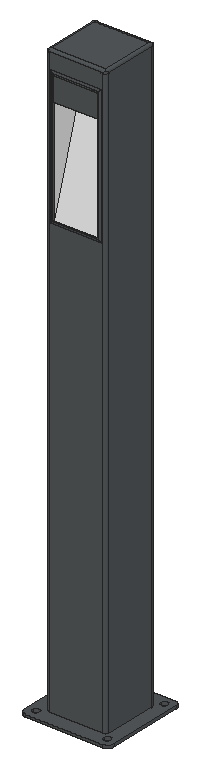
Revit family "svetilnik_alfresco_ar deko_dtu19", category Lighting Fixtures, Revit 2016 (continued)
Definition of nested family "Источник света Ар_Деко"
  Types (5, lengths in mm): name | Photometric Web File | built-in parameter 1150142
           0.2       0.2       0.2\r\n       0.2       0.2       0.2       0.2       0.2       0.2       0.2       0.2\r\n       0.2       0.2       0.2       0.2       0.2       0.2       0.2       0.2\r\n       0.2       0.2       0.2       0.2       0.2       0.2       0.2       0.2\r\n       0.2       0.2       0.2       0.2       0.2       0.2       0.2       0.2\r\n       0.2       0.2       0.2       0.2       0.2       0.2       0.2       0.2\r\n       0.2       0.2       0.2       0.2       0.2       0.2       0.2       0.2\r\n       0.2       0.2       0.2       0.2       0.2       0.2       0.2       0.2\r\n       0.2       0.2       0.2       0.1       0.1       0.1       0.0       0.0\r\n       0.0       0.0       0.0       0.0       0.0\r\n       0.0       0.0       0.0       0.1       0.1       0.1       0.1       0.1\r\n       0.2       0.2       0.2       0.2       0.2       0.2       0.2       0.2\r\n       0.2       0.2       0.2       0.2       0.2       0.2       0.2       0.2\r\n       0.2       0.2       0.2       0.2       0.2       0.2       0.2       0.2\r\n       0.2       0.2       0.2       0.2       0.2       0.2       0.2       0.2\r\n       0.2       0.2       0.2       0.2       0.2       0.2       0.2       0.2\r\n       0.2       0.2       0.2       0.2       0.2       0.2       0.2       0.2\r\n       0.2       0.2       0.2       0.2       0.2       0.2       0.2       0.2\r\n       0.2       0.2       0.2       0.2       0.2       0.2       0.2       0.2\r\n       0.2       0.2       0.2       0.2       0.2       0.2       0.2       0.2\r\n       0.2       0.2       0.2       0.2       0.2       0.2       0.2       0.2\r\n       0.2       0.2       0.2       0.2       0.2       0.2       0.2       0.2\r\n       0.2       0.2       0.2       0.2       0.2       0.2       0.2       0.2\r\n       0.2       0.2       0.2       0.2       0.2       0.2       0.2       0.2\r\n       0.2       0.2       0.2       0.2       0.2       0.2       0.2       0.2\r\n       0.2       0.2       0.2       0.2       0.2       0.2       0.2       0.2\r\n       0.2       0.2       0.2       0.2       0.2       0.2       0.2       0.2\r\n       0.2       0.2       0.2       0.2       0.2       0.2       0.2       0.2\r\n       0.2       0.2       0.2       0.2       0.2       0.2       0.2       0.2\r\n       0.2       0.2       0.2       0.2       0.2       0.2       0.2       0.2\r\n       0.2       0.2       0.2       0.2       0.2       0.2       0.2       0.2\r\n       0.2       0.2       0.2       0.1       0.1       0.1       0.0       0.0\r\n       0.0       0.0       0.0       0.0       0.0\r\n       0.0       0.0       0.0       0.1       0.1       0.1       0.1       0.1\r\n       0.2       0.2       0.2       0.2       0.2       0.2       0.2       0.2\r\n       0.2       0.2       0.2       0.2       0.2       0.2       0.2       0.2\r\n       0.2       0.2       0.2       0.2       0.2       0.2       0.2       0.2\r\n       0.2       0.2       0.2       0.2       0.2       0.2       0.2       0.2\r\n       0.2       0.2       0.2       0.2       0.2       0.2       0.2       0.2\r\n       0.2       0.2       0.2       0.2       0.2       0.2       0.2       0.2\r\n       0.2       0.2       0.2       0.2       0.2       0.2       0.2       0.2\r\n       0.2       0.2       0.2       0.2       0.2       0.2       0.2       0.2\r\n       0.2       0.2       0.3       0.3       0.2       0.2       0.2       0.2\r\n       0.2       0.2       0.2       0.2       0.2       0.2       0.2       0.2\r\n       0.2       0.2       0.2       0.2       0.2       0.2       0.2       0.2\r\n       0.2       0.2       0.2       0.2       0.2       0.2       0.2       0.2\r\n       0.2       0.2       0.2       0.2       0.2       0.2       0.2       0.2\r\n       0.2       0.2       0.2       0.2       0.2       0.2       0.2       0.2\r\n       0.2       0.2       0.2       0.2       0.2       0.2       0.2       0.2\r\n       0.2       0.2       0.2       0.2       0.2       0.2       0.2       0.2\r\n       0.2       0.2       0.2       0.2       0.2       0.2       0.2       0.2\r\n       0.2       0.2       0.2       0.2       0.2       0.2       0.2       0.2\r\n       0.2       0.2       0.2       0.2       0.2       0.2       0.2       0.2\r\n       0.2       0.2       0.2       0.2       0.2       0.2       0.2       0.2\r\n       0.2       0.2       0.2       0.1       0.1       0.1       0.0       0.0\r\n       0.0       0.0       0.0       0.0       0.0\r\n       0.0       0.0       0.0       0.1       0.1       0.1       0.1       0.1\r\n       0.2       0.2       0.2       0.2       0.2       0.2       0.2       0.2\r\n       0.2       0.2       0.2       0.2       0.2       0.2       0.2       0.2\r\n       0.2       0.2       0.2       0.2       0.2       0.2       0.2       0.2\r\n       0.2       0.2       0.2       0.2       0.2       0.2       0.2       0.2\r\n       0.2       0.2       0.2       0.2       0.2       0.2       0.2       0.2\r\n       0.2       0.2       0.2       0.2       0.2       0.2       0.2       0.2\r\n       0.2       0.2       0.2       0.2       0.2       0.2       0.2       0.2\r\n       0.2       0.2       0.2       0.2       0.2       0.2       0.2       0.2\r\n       0.2       0.2       0.2       0.2       0.2       0.2       0.2       0.2\r\n       0.2       0.2       0.2       0.2       0.2       0.2       0.2       0.2\r\n       0.2       0.2       0.2       0.2       0.2       0.2       0.2       0.2\r\n       0.2       0.2       0.2       0.2       0.2       0.2       0.2       0.2\r\n       0.2       0.2       0.2       0.2       0.2       0.2       0.2       0.2\r\n       0.2       0.2       0.2       0.2       0.2       0.2       0.2       0.2\r\n       0.2       0.2       0.2       0.2       0.2       0.2       0.2       0.2\r\n       0.2       0.2       0.2       0.2       0.2       0.2       0.2       0.2\r\n       0.2       0.2       0.2       0.2       0.2       0.2       0.2       0.2\r\n       0.2       0.2       0.2       0.2       0.2       0.2       0.2       0.2\r\n       0.2       0.2       0.2       0.2       0.2       0.2       0.2       0.2\r\n       0.2       0.2       0.2       0.2       0.2       0.2       0.2       0.2\r\n       0.2       0.2       0.2       0.1       0.1       0.1       0.0       0.0\r\n       0.0       0.0       0.0       0.0       0.0\r\n       0.0       0.0       0.1       0.1       0.1       0.1       0.1       0.1\r\n       0.2       0.2       0.2       0.2       0.2       0.2       0.2       0.2\r\n       0.2       0.2       0.2       0.2       0.2       0.2       0.2       0.2\r\n       0.2       0.2       0.2       0.2       0.2       0.2       0.2       0.2\r\n       0.2       0.2       0.2       0.2       0.2       0.2       0.2       0.2\r\n       0.2       0.2       0.2       0.2       0.2       0.2       0.2       0.2\r\n       0.2       0.2       0.2       0.2       0.2       0.2       0.2       0.2\r\n       0.2       0.2       0.2       0.2       0.2       0.2       0.2       0.2\r\n       0.2       0.2       0.2       0.2       0.2       0.2       0.2       0.2\r\n       0.2       0.2       0.2       0.2       0.2       0.2       0.2       0.2\r\n       0.2       0.2       0.2       0.2       0.2       0.2       0.2       0.2\r\n       0.2       0.2       0.2       0.2       0.2       0.2       0.2       0.2\r\n       0.2       0.2       0.2       0.2       0.2       0.2       0.2       0.2\r\n       0.2       0.2       0.2       0.2       0.2       0.2       0.2       0.2\r\n       0.2       0.2       0.2       0.2       0.2       0.2       0.2       0.2\r\n       0.2       0.2       0.2       0.2       0.2       0.2       0.2       0.2\r\n       0.2       0.2       0.2       0.2       0.2       0.2       0.2       0.2\r\n       0.2       0.2       0.2       0.2       0.2       0.2       0.2       0.2\r\n       0.2       0.2       0.2       0.2       0.2       0.2       0.2       0.2\r\n       0.2       0.2       0.2       0.2       0.2       0.2       0.2       0.2\r\n       0.2       0.2       0.2       0.2       0.2       0.2       0.2       0.2\r\n       0.2       0.2       0.2       0.1       0.1       0.1       0.0       0.0\r\n       0.0       0.0       0.0       0.0       0.0\r\n       0.0       0.0       0.1       0.1       0.1       0.1       0.1       0.1\r\n       0.2       0.2       0.2       0.2       0.2       0.2       0.2       0.2\r\n       0.2       0.2       0.2       0.2       0.2       0.2       0.2       0.2\r\n       0.2       0.2       0.2       0.2       0.2       0.2       0.2       0.2\r\n       0.2       0.2       0.2       0.2       0.2       0.2       0.2       0.2\r\n       0.2       0.2       0.2       0.2       0.2       0.2       0.2       0.2\r\n       0.2       0.2       0.2       0.2       0.2       0.2       0.2       0.2\r\n       0.2       0.2       0.2       0.2       0.2       0.2       0.2       0.2\r\n       0.2       0.2       0.2       0.2       0.2       0.2       0.2       0.2\r\n       0.2       0.2       0.2       0.2       0.2       0.2       0.2       0.2\r\n       0.2       0.2       0.2       0.2       0.2       0.2       0.2       0.2\r\n       0.2       0.2       0.2       0.2       0.2       0.2       0.2       0.2\r\n       0.2       0.2       0.2       0.2       0.2       0.2       0.2       0.2\r\n       0.2       0.2       0.2       0.2       0.2       0.2       0.2       0.2\r\n       0.2       0.2       0.2       0.2       0.2       0.2       0.2       0.2\r\n       0.2       0.2       0.2       0.2       0.2       0.2       0.2       0.2\r\n       0.2       0.2       0.2       0.2       0.2       0.2       0.2       0.2\r\n       0.2       0.2       0.2       0.2       0.2       0.2       0.2       0.2\r\n       0.2       0.2       0.2       0.2       0.2       0.2       0.2       0.2\r\n       0.2       0.2       0.2       0.2       0.2       0.2       0.2       0.2\r\n       0.2       0.2       0.2       0.2       0.2       0.2       0.2       0.2\r\n       0.2       0.2       0.2       0.1       0.1       0.1       0.0       0.0\r\n       0.0       0.0       0.0       0.0       0.0\r\n       0.0       0.0       0.1       0.1       0.1       0.1       0.1       0.1\r\n       0.2       0.2       0.2       0.2       0.2       0.2       0.2       0.2\r\n       0.2       0.2       0.2       0.2       0.2       0.2       0.2       0.2\r\n       0.2       0.2       0.2       0.2       0.2       0.2       0.2       0.2\r\n       0.2       0.2       0.2       0.2       0.2       0.2       0.2       0.2\r\n       0.2       0.2       0.2       0.2       0.2       0.2       0.2       0.2\r\n       0.2       0.2       0.2       0.2       0.2       0.2       0.2       0.2\r\n       0.2       0.2       0.2       0.2       0.2       0.2       0.2       0.2\r\n       0.2       0.2       0.2       0.2       0.2       0.2       0.2       0.2\r\n       0.2       0.2       0.2       0.2       0.2       0.2       0.2       0.2\r\n       0.2       0.2       0.2       0.2       0.2       0.2       0.2       0.2\r\n       0.2       0.2       0.2       0.2       0.3       0.2       0.2       0.2\r\n       0.2       0.2       0.2       0.2       0.2       0.3       0.2       0.2\r\n       0.2       0.2       0.2       0.2       0.2       0.2       0.2       0.2\r\n       0.2       0.2       0.2       0.2       0.2       0.2       0.2       0.2\r\n       0.2       0.2       0.2       0.2       0.2       0.2       0.2       0.2\r\n       0.2       0.2       0.2       0.2       0.2       0.2       0.2       0.2\r\n       0.2       0.2       0.2       0.2       0.2       0.2       0.2       0.2\r\n       0.2       0.2       0.2       0.2       0.2       0.2       0.2       0.2\r\n       0.2       0.2       0.2       0.2       0.2       0.2       0.2       0.2\r\n       0.2       0.2       0.2       0.2       0.2       0.2       0.2       0.2\r\n       0.2       0.2       0.2       0.1       0.1       0.1       0.0       0.0\r\n       0.0       0.0       0.0       0.0       0.0\r\n       0.0       0.0       0.1       0.1       0.1       0.1       0.1       0.1\r\n       0.2       0.2       0.2       0.2       0.2       0.2       0.2       0.2\r\n       0.2       0.2       0.2       0.2       0.2       0.2       0.2       0.2\r\n       0.2       0.2       0.2       0.2       0.2       0.2       0.2       0.2\r\n       0.2       0.2       0.2       0.2       0.2       0.2       0.2       0.2\r\n       0.3       0.3       0.2       0.2       0.2       0.2       0.2       0.2\r\n       0.2       0.2       0.2       0.2       0.2       0.2       0.2       0.2\r\n       0.2       0.2       0.2       0.2       0.2       0.2       0.2       0.2\r\n       0.2       0.2       0.2       0.2       0.2       0.2       0.2       0.2\r\n       0.2       0.2       0.2       0.2       0.2       0.2       0.2       0.2\r\n       0.2       0.2       0.2       0.2       0.2       0.2       0.2       0.2\r\n       0.2       0.2       0.2       0.2       0.2       0.2       0.2       0.2\r\n       0.2       0.2       0.2       0.2       0.2       0.2       0.2       0.2\r\n       0.2       0.2       0.2       0.2       0.2       0.2       0.2       0.2\r\n       0.2       0.2       0.2       0.2       0.2       0.2       0.2       0.2\r\n       0.2       0.2       0.2       0.2       0.2       0.2       0.2       0.2\r\n       0.2       0.2       0.2       0.2       0.2       0.2       0.2       0.2\r\n       0.2       0.2       0.2       0.2       0.2       0.2       0.2       0.2\r\n       0.2       0.2       0.2       0.2       0.2       0.2       0.2       0.2\r\n       0.2       0.2       0.2       0.2       0.2       0.2       0.2       0.2\r\n       0.2       0.2       0.2       0.2       0.2       0.2       0.2       0.2\r\n       0.2       0.2       0.2       0.1       0.1       0.1       0.0       0.0\r\n       0.0       0.0       0.0       0.0       0.0\r\n       0.0       0.0       0.1       0.1       0.1       0.1       0.1       0.1\r\n       0.2       0.2       0.2       0.2       0.2       0.2       0.2       0.2\r\n       0.2       0.2       0.2       0.2       0.2       0.2       0.2       0.2\r\n       0.2       0.2       0.2       0.2       0.2       0.2       0.2       0.2\r\n       0.2       0.2       0.2       0.2       0.2       0.2       0.2       0.2\r\n       0.3       0.3       0.2       0.2       0.2       0.2       0.2       0.2\r\n       0.2       0.2       0.2       0.2       0.2       0.2       0.2       0.2\r\n       0.2       0.2       0.2       0.2       0.2       0.2       0.2       0.2\r\n       0.2       0.2       0.2       0.2       0.2       0.2       0.2       0.2\r\n       0.2       0.2       0.2       0.2       0.2       0.2       0.2       0.2\r\n       0.2       0.2       0.2       0.2       0.2       0.2       0.2       0.2\r\n       0.2       0.2       0.2       0.2       0.2       0.2       0.2       0.2\r\n       0.2       0.2       0.2       0.2       0.2       0.2       0.2       0.2\r\n       0.2       0.2       0.2       0.2       0.2       0.2       0.2       0.2\r\n       0.2       0.2       0.2       0.2       0.2       0.2       0.2       0.2\r\n       0.2       0.2       0.2       0.2       0.2       0.2       0.2       0.2\r\n       0.2       0.2       0.2       0.2       0.2       0.2       0.2       0.2\r\n       0.2       0.2       0.2       0.2       0.2       0.2       0.2       0.2\r\n       0.2       0.2       0.2       0.2       0.2       0.2       0.2       0.2\r\n       0.2       0.2       0.2       0.2       0.2       0.2       0.2       0.2\r\n       0.2       0.2       0.2       0.2       0.2       0.2       0.2       0.2\r\n       0.2       0.2       0.2       0.1       0.1       0.1       0.0       0.0\r\n       0.0       0.0       0.0       0.0       0.0\r\n       0.0       0.0       0.1       0.1       0.1       0.1       0.1       0.1\r\n       0.2       0.2       0.2       0.2       0.2       0.2       0.2       0.2\r\n       0.2       0.2       0.2       0.2       0.2       0.2       0.2       0.2\r\n       0.2       0.2       0.2       0.2       0.2       0.2       0.2       0.2\r\n       0.2       0.2       0.2       0.2       0.2       0.2       0.2       0.2\r\n    
         0.2       0.2       0.2       0.2       0.2       0.2       0.2       0.2\r\n       0.2       0.2       0.2       0.2       0.2       0.2       0.2       0.2\r\n       0.2       0.2       0.2       0.2       0.2       0.2       0.2       0.2\r\n       0.2       0.2       0.2       0.2       0.2       0.2       0.2       0.2\r\n       0.2       0.2       0.2       0.2       0.2       0.2       0.2       0.2\r\n       0.2       0.2       0.2       0.2       0.2       0.2       0.2       0.2\r\n       0.2       0.2       0.2       0.2       0.2       0.2       0.2       0.2\r\n       0.2       0.2       0.2       0.2       0.2       0.2       0.2       0.2\r\n       0.2       0.2       0.2       0.2       0.2       0.2       0.2       0.2\r\n       0.2       0.2       0.2       0.2       0.2       0.2       0.2       0.2\r\n       0.2       0.2       0.2       0.2       0.2       0.2       0.2       0.2\r\n       0.2       0.2       0.2       0.2       0.2       0.2       0.2       0.2\r\n       0.2       0.2       0.2       0.2       0.2       0.2       0.2       0.2\r\n       0.2       0.2       0.2       0.2       0.2       0.2       0.2       0.2\r\n       0.2       0.2       0.2       0.2       0.2       0.2       0.2       0.2\r\n       0.2       0.2       0.2       0.2       0.2       0.2       0.2       0.2\r\n       0.2       0.2       0.2       0.1       0.1       0.1       0.0       0.0\r\n       0.0       0.0       0.0       0.0       0.0\r\n       0.0       0.0       0.1       0.1       0.1       0.1       0.1       0.1\r\n       0.2       0.2       0.2       0.2       0.2       0.2       0.2       0.2\r\n       0.2       0.2       0.2       0.2       0.2       0.2       0.2       0.2\r\n       0.2       0.2       0.2       0.2       0.2       0.2       0.2       0.2\r\n       0.2       0.2       0.2       0.2       0.2       0.2       0.2       0.2\r\n       0.2       0.2       0.2       0.2       0.2       0.2       0.2       0.2\r\n       0.2       0.2       0.2       0.2       0.2       0.2       0.2       0.2\r\n       0.2       0.2       0.2       0.2       0.2       0.2       0.2       0.2\r\n       0.2       0.2       0.2       0.2       0.2       0.2       0.2       0.2\r\n       0.2       0.2       0.2       0.2       0.2       0.2       0.2       0.2\r\n       0.2       0.2       0.2       0.2       0.2       0.2       0.2       0.2\r\n       0.2       0.2       0.2       0.2       0.2       0.2       0.2       0.2\r\n       0.2       0.2       0.2       0.2       0.2       0.2       0.2       0.2\r\n       0.2       0.2       0.2       0.2       0.2       0.2       0.2       0.2\r\n       0.2       0.2       0.2       0.2       0.2       0.2       0.2       0.2\r\n       0.2       0.2       0.2       0.2       0.2       0.2       0.2       0.2\r\n       0.2       0.2       0.2       0.2       0.2       0.2       0.2       0.2\r\n       0.2       0.2       0.2       0.2       0.2       0.2       0.2       0.2\r\n       0.2       0.2       0.2       0.2       0.2       0.2       0.2       0.2\r\n       0.2       0.2       0.2       0.2       0.2       0.2       0.2       0.2\r\n       0.2       0.2       0.2       0.2       0.2       0.2       0.2       0.2\r\n       0.2       0.2       0.2       0.1       0.1       0.1       0.0       0.0\r\n       0.0       0.0       0.0       0.0       0.0\r\n       0.0       0.0       0.1       0.1       0.1       0.1       0.1       0.1\r\n       0.2       0.2       0.2       0.2       0.2       0.2       0.2       0.2\r\n       0.2       0.2       0.2       0.2       0.2       0.2       0.2       0.2\r\n       0.2       0.2       0.2       0.2       0.2       0.2       0.2       0.2\r\n       0.2       0.2       0.2       0.2       0.2       0.2       0.2       0.2\r\n       0.2       0.2       0.2       0.2       0.2       0.2       0.2       0.2\r\n       0.2       0.2       0.2       0.2       0.2       0.2       0.2       0.2\r\n       0.2       0.2       0.2       0.2       0.2       0.2       0.2       0.2\r\n       0.2       0.2       0.2       0.2       0.2       0.2       0.2       0.2\r\n       0.2       0.2       0.2       0.2       0.2       0.2       0.2       0.2\r\n       0.2       0.2       0.2       0.2       0.2       0.2       0.2       0.2\r\n       0.2       0.2       0.2       0.2       0.2       0.2       0.2       0.2\r\n       0.2       0.2       0.2       0.2       0.2       0.2       0.2       0.2\r\n       0.2       0.2       0.2       0.2       0.2       0.2       0.2       0.2\r\n       0.2       0.2       0.2       0.2       0.2       0.2       0.2       0.2\r\n       0.2       0.2       0.2       0.2       0.2       0.2       0.2       0.2\r\n       0.2       0.2       0.2       0.2       0.2       0.2       0.2       0.2\r\n       0.2       0.2       0.2       0.2       0.2       0.2       0.2       0.2\r\n       0.2       0.2       0.2       0.2       0.2       0.2       0.2       0.2\r\n       0.2       0.2       0.2       0.2       0.2       0.2       0.2       0.2\r\n       0.2       0.2       0.2       0.2       0.2       0.2       0.2       0.2\r\n       0.2       0.2       0.2       0.1       0.1       0.1       0.0       0.0\r\n       0.0       0.0       0.0       0.0       0.0\r\n       0.0       0.0       0.1       0.1       0.1       0.1       0.1       0.1\r\n       0.2       0.2       0.2       0.2       0.2       0.2       0.2       0.2\r\n       0.2       0.2       0.2       0.2       0.2       0.2       0.2       0.2\r\n       0.2       0.2       0.2       0.2       0.2       0.2       0.2       0.2\r\n       0.2       0.2       0.2       0.2       0.2       0.2       0.2       0.2\r\n       0.2       0.2       0.2       0.2       0.2       0.2       0.2       0.2\r\n       0.2       0.2       0.2       0.2       0.2       0.2       0.2       0.2\r\n       0.2       0.2       0.2       0.2       0.2       0.2       0.2       0.2\r\n       0.2       0.2       0.2       0.2       0.2       0.2       0.2       0.2\r\n       0.2       0.2       0.2       0.2       0.2       0.2       0.2       0.2\r\n       0.2       0.2       0.2       0.2       0.2       0.2       0.2       0.2\r\n       0.2       0.2       0.2       0.2       0.2       0.2       0.2       0.2\r\n       0.2       0.2       0.2       0.2       0.2       0.2       0.2       0.2\r\n       0.2       0.2       0.2       0.2       0.2       0.2       0.2       0.2\r\n       0.2       0.2       0.2       0.2       0.2       0.2       0.2       0.2\r\n       0.2       0.2       0.2       0.2       0.2       0.2       0.2       0.2\r\n       0.2       0.2       0.2       0.2       0.2       0.2       0.2       0.2\r\n       0.2       0.2       0.2       0.2       0.2       0.2       0.2       0.2\r\n       0.2       0.2       0.2       0.2       0.2       0.2       0.2       0.2\r\n       0.2       0.2       0.2       0.2       0.2       0.2       0.2       0.2\r\n       0.2       0.2       0.2       0.2       0.2       0.2       0.2       0.2\r\n       0.2       0.2       0.2       0.1       0.1       0.1       0.0       0.0\r\n       0.0       0.0       0.0       0.0       0.0\r\n       0.0       0.0       0.1       0.1       0.1       0.1       0.1       0.1\r\n       0.2       0.2       0.2       0.2       0.2       0.2       0.2       0.2\r\n       0.2       0.2       0.2       0.2       0.2       0.2       0.2       0.2\r\n       0.2       0.2       0.2       0.2       0.2       0.2       0.2       0.2\r\n       0.2       0.2       0.2       0.2       0.2       0.2       0.2       0.2\r\n       0.2       0.2       0.2       0.2       0.2       0.2       0.2       0.2\r\n       0.2       0.2       0.2       0.2       0.2       0.2       0.2       0.2\r\n       0.2       0.2       0.2       0.2       0.2       0.2       0.2       0.2\r\n       0.2       0.2       0.2       0.2       0.2       0.2       0.2       0.2\r\n       0.2       0.2       0.2       0.2       0.2       0.2       0.3       0.2\r\n       0.2       0.2       0.2       0.2       0.2       0.2       0.2       0.2\r\n       0.2       0.2       0.2       0.2       0.2       0.2       0.2       0.2\r\n       0.2       0.2       0.2       0.2       0.2       0.2       0.2       0.2\r\n       0.2       0.2       0.2       0.2       0.2       0.2       0.2       0.2\r\n       0.2       0.2       0.2       0.2       0.2       0.2       0.2       0.2\r\n       0.2       0.2       0.2       0.2       0.2       0.2       0.2       0.2\r\n       0.2       0.2       0.2       0.2       0.2       0.2       0.2       0.2\r\n       0.2       0.2       0.2       0.2       0.2       0.2       0.2       0.2\r\n       0.2       0.2       0.2       0.2       0.2       0.2       0.2       0.2\r\n       0.2       0.2       0.2       0.2       0.2       0.2       0.2       0.2\r\n       0.2       0.2       0.2       0.2       0.2       0.2       0.2       0.2\r\n       0.2       0.2       0.2       0.1       0.1       0.1       0.0       0.0\r\n       0.0       0.0       0.0       0.0       0.0\r\n       0.0       0.0       0.1       0.1       0.1       0.1       0.1       0.1\r\n       0.2       0.2       0.2       0.2       0.2       0.2       0.2       0.2\r\n       0.2       0.2       0.2       0.2       0.2       0.2       0.2       0.2\r\n       0.2       0.2       0.2       0.2       0.2       0.2       0.2       0.2\r\n       0.2       0.2       0.2       0.2       0.2       0.2       0.2       0.2\r\n       0.2       0.2       0.2       0.2       0.2       0.2       0.2       0.2\r\n       0.2       0.2       0.2       0.2       0.2       0.2       0.2       0.2\r\n       0.2       0.2       0.2       0.2       0.2       0.2       0.2       0.2\r\n       0.2       0.2       0.2       0.2       0.2       0.2       0.2       0.2\r\n       0.2       0.2       0.2       0.2       0.2       0.2       0.2       0.2\r\n       0.2       0.2       0.2       0.2       0.2       0.2       0.2       0.2\r\n       0.2       0.2       0.2       0.2       0.2       0.2       0.2       0.2\r\n       0.2       0.2       0.2       0.2       0.2       0.2       0.2       0.2\r\n       0.2       0.2       0.2       0.2       0.2       0.2       0.2       0.2\r\n       0.2       0.2       0.2       0.2       0.2       0.2       0.2       0.2\r\n       0.2       0.2       0.2       0.2       0.2       0.2       0.2       0.2\r\n       0.2       0.2       0.2       0.2       0.2       0.2       0.2       0.2\r\n       0.2       0.2       0.2       0.2       0.2       0.2       0.2       0.2\r\n       0.2       0.2       0.2       0.2       0.2       0.2       0.2       0.2\r\n       0.2       0.2       0.2       0.2       0.2       0.2       0.2       0.2\r\n       0.2       0.2       0.2       0.2       0.2       0.2       0.2       0.2\r\n       0.2       0.2       0.2       0.1       0.1       0.1       0.0       0.0\r\n       0.0       0.0       0.0       0.0       0.0\r\n       0.0       0.0       0.1       0.1       0.1       0.1       0.1       0.1\r\n       0.2       0.2       0.2       0.2       0.2       0.2       0.2       0.2\r\n       0.2       0.2       0.2       0.2       0.2       0.2       0.2       0.2\r\n       0.2       0.2       0.2       0.2       0.2       0.2       0.2       0.2\r\n       0.2       0.2       0.2       0.2       0.2       0.2       0.2       0.2\r\n       0.2       0.2       0.2       0.2       0.2       0.2       0.2       0.2\r\n       0.2       0.2       0.2       0.2       0.2       0.2       0.2       0.2\r\n       0.2       0.2       0.2       0.2       0.2       0.2       0.2       0.2\r\n       0.2       0.2       0.2       0.2       0.2       0.2       0.2       0.2\r\n       0.2       0.2       0.2       0.2       0.2       0.2       0.2       0.2\r\n       0.2       0.2       0.2       0.2       0.2       0.2       0.2       0.2\r\n       0.2       0.2       0.2       0.2       0.2       0.2       0.2       0.2\r\n       0.2       0.2       0.2       0.2       0.2       0.2       0.2       0.2\r\n       0.2       0.2       0.2       0.2       0.2       0.2       0.2       0.2\r\n       0.2       0.2       0.2       0.2       0.2       0.2       0.2       0.2\r\n       0.2       0.2       0.2       0.2       0.2       0.2       0.2       0.2\r\n       0.2       0.2       0.2       0.2       0.2       0.2       0.2       0.2\r\n       0.2       0.2       0.2       0.2       0.2       0.2       0.2       0.2\r\n       0.2       0.2       0.2       0.2       0.2       0.2       0.2       0.2\r\n       0.2       0.2       0.2       0.2       0.2       0.2       0.2       0.2\r\n       0.2       0.2       0.2       0.2       0.2       0.2       0.2       0.2\r\n       0.2       0.2       0.2       0.1       0.1       0.1       0.0       0.0\r\n       0.0       0.0       0.0       0.0       0.0\r\n       0.0       0.0       0.1       0.1       0.1       0.1       0.1       0.1\r\n       0.2       0.2       0.2       0.2       0.2       0.2       0.2       0.2\r\n       0.2       0.2       0.2       0.2       0.2       0.2       0.2       0.2\r\n       0.2       0.2       0.2       0.2       0.2       0.2       0.2       0.2\r\n       0.2       0.2       0.2       0.2       0.2       0.2       0.2       0.2\r\n       0.2       0.2       0.2       0.2       0.2       0.2       0.2       0.2\r\n       0.2       0.2       0.2       0.2       0.2       0.2       0.2       0.2\r\n       0.2       0.2       0.2       0.2       0.2       0.2       0.2       0.2\r\n       0.2       0.2       0.2       0.2       0.2       0.2       0.2       0.2\r\n       0.2       0.2       0.2       0.2       0.2       0.2       0.2       0.2\r\n       0.2       0.2       0.2       0.2       0.2       0.2       0.2       0.2\r\n       0.2       0.2       0.2       0.2       0.2       0.2       0.2       0.2\r\n       0.2       0.2       0.2       0.2       0.2       0.2       0.2       0.2\r\n       0.2       0.2       0.2       0.2       0.2       0.2       0.2       0.2\r\n       0.2       0.2       0.2       0.2       0.2       0.2       0.2       0.2\r\n       0.2       0.2       0.2       0.2       0.2       0.2       0.2       0.2\r\n       0.2       0.2       0.2       0.2       0.2       0.2       0.2       0.2\r\n       0.2       0.2       0.2       0.2       0.2       0.2       0.2       0.2\r\n       0.2       0.2       0.2       0.2       0.2       0.2       0.2       0.2\r\n       0.2       0.2       0.2       0.2       0.2       0.2       0.2       0.2\r\n       0.2       0.2       0.2       0.2       0.2       0.2       0.2       0.2\r\n       0.2       0.2       0.2       0.1       0.1       0.1       0.0       0.0\r\n       0.0       0.0       0.0       0.0       0.0\r\n       0.0       0.0       0.2       0.1       0.1       0.1       0.1       0.1\r\n       0.2       0.2       0.2       0.2       0.2       0.2       0.2       0.2\r\n       0.2       0.2       0.2       0.2       0.2       0.2       0.2       0.2\r\n       0.2       0.2       0.2       0.2       0.2       0.2       0.2       0.2\r\n       0.2       0.2       0.2       0.2       0.2       0.2       0.2       0.2\r\n       0.2       0.2       0.2       0.2       0.2       0.2       0.2       0.2\r\n       0.2       0.2       0.2       0.2       0.2       0.2       0.2       0.2\r\n       0.2       0.2       0.2       0.2       0.2       0.2       0.2       0.2\r\n       0.2       0.2       0.2       0.2       0.2       0.2       0.2       0.2\r\n       0.2       0.2       0.2       0.2       0.2       0.2       0.2       0.2\r\n       0.2       0.2       0.2       0.2       0.2       0.2       0.2       0.2\r\n       0.2       0.2       0.2       0.2       0.2       0.2       0.2       0.2\r\n       0.2       0.2       0.2       0.2       0.2       0.2       0.2       0.2\r\n       0.2       0.2       0.2       0.2       0.2       0.2       0.2       0.2\r\n       0.2       0.2       0.2       0.2       0.2       0.2       0.2       0.2\r\n       0.2       0.2       0.2       0.2       0.2       0.2       0.2       0.2\r\n       0.2       0.2       0.2       0.2       0.2       0.2       0.2       0.2\r\n       0.2       0.2       0.2       0.2       0.2       0.2       0.2       0.2\r\n       0.2       0.2       0.2       0.2       0.2       0.2       0.2       0.2\r\n       0
